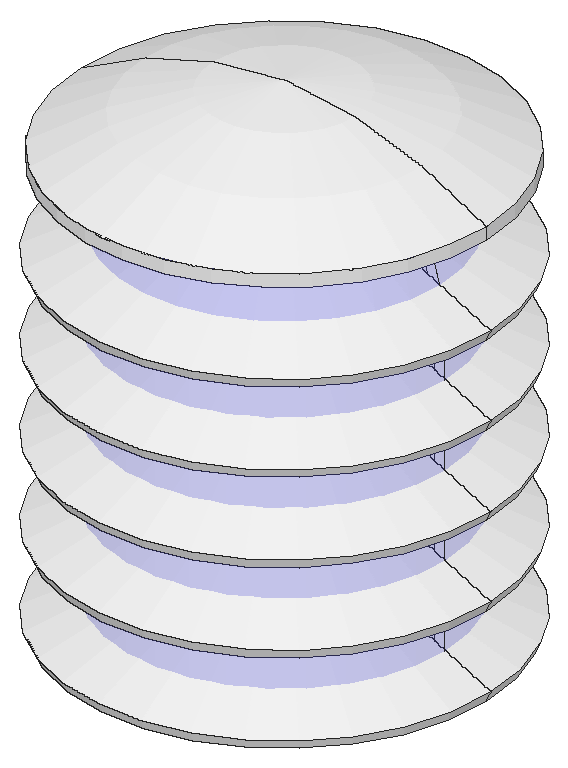
Revit family "CB24", category Lighting Fixtures, Revit 2014
Parameters (values of type "CB")
  Wattage Comments = "default"
  Wattage = 12.1178 W
  built-in parameter 1150110 = 1 (stored number, unit not read)
  Voltage = 120 V
  URL = "https://www.hubbell.com/kimlighting/en/"
  Type Comments = "Lighted Bollard"  # constant formula
  built-in parameter 1114217 = 1 (stored number, unit not read)
  Tilt Angle = 90.00°
  built-in parameter 1150109 = 1 (stored number, unit not read)
  built-in parameter 1150134 = (empty or 0)
  built-in parameter 1150113 = 1 (stored number, unit not read)
  Series = "Traditional Bollards"  # constant formula
  Radius = Diameter / 2  # 2.50"
  Product Page URL = "https://www.hubbell.com/kimlighting/en/Products/Lighting-Controls/Commercial-Outdoor-Lighting/Bollards/Compact-Bollards/p/248477"
  Product Documentation Link = "https://hubbellcdn.com/specsheet/kl_cbled_spec.pdf"
  Power Factor = 1
  Photometric Web Link = "https://www.hubbell.com/kimlighting/en/Products/Lighting-Controls/Commercial-Outdoor-Lighting/Bollards/Compact-Bollards/p/248477#prod-photometry-section"
  Photometric Web File = "cb-20l4k.ies"
  Photometric Notes = "More IES files download on Photometric Web Link"  # constant formula
  Number of Poles = 1
  Model = "Compact Bollards"  # constant formula
  MasterFormat Title = "Landscape Lighting, Site Lighting, Walkway Lighting"  # constant formula
  Manufacturer = "Kim Lighting"  # constant formula
  Lumens = 1800 lm
  built-in parameter 1150115 = 1 (stored number, unit not read)
  built-in parameter 1150105 = 143.24 (stored number, unit not read)
  Load Classification = Lighting
  built-in parameter 1150137 = (empty or 0)
  built-in parameter 1150139 = (empty or 0)
  built-in parameter 1150112 = 1 (stored number, unit not read)
  built-in parameter 1150114 = 1 (stored number, unit not read)
  Lamp = "LED"  # constant formula
  built-in parameter 1150132 = 2
  built-in parameter 1150102 = (empty or 0)
  built-in parameter 1150138 = (empty or 0)
  built-in parameter 1150107 = 3000 (stored number, unit not read)
  built-in parameter 1150106 = 1.4324 (stored number, unit not read)
  Height = 24.00"
  Glass = Glass-KIM-Temper Molded
  Finish = Powder Coat-Kim-White
  built-in parameter 1150104 = 13.8 (stored number, unit not read)
  Dimming Lamp Color Temperature Shift = <None>
  Diameter = 5.00"  # constant formula
  Description = "Compact Bollards feature full overlapping louvers which provides total source cutoff above horizontal. A soft glow from the louvers provides sufficient vertical illumination for gardens, pathways and of course, pedestrians.\r\n\r\nGasketed prismatic glass globe optimizes light output\r\nFull cutoff above horizontal\r\nBattery back-up, emergency battery pack and houseside shield options"  # constant formula
  Color Filter = 16777215
  built-in parameter 1114218 = 1 (stored number, unit not read)
  built-in parameter 1150133 = 10 (stored number, unit not read)
  Assembly Code = "D5020200"
  Apparent Load = 0 VA
Reference planes (in)
  plane 1 "Light Source Axis (F/B)": y = 0
  plane 2: z = 0
  plane 3 "Light Source Axis (L/R)": x = 0
  plane 4 "Light Source Elevation": z = 21
  plane 5 "Left": x = -2.5
  plane 6 "Right": x = 2.5
  plane 7 "Back": y = 2.5
  plane 8 "Front": y = -2.5
  plane 9 "Top": z = 24
  plane 10: z = 18
  plane 11: z = 23
Forms (in)
  Revolve 1, solid, material "Powder Coat-Kim-White" <- "Finish", detail levels medium+fine
    sketch origin (0, 0, 0) x (1, 0, 0) y (0, 0, 1)
      loop
        line (-2.5, 18) -> (-0.48859, 18.93794) -> (-0.54141, 19.05123) -> (-2.55283, 18.11329) -> (-2.5, 18)
      loop
        line (-2.5, 19) -> (-0.48859, 19.93794) -> (-0.54141, 20.05123) -> (-2.55283, 19.11329) -> (-2.5, 19)
      loop
        line (-2.5, 20) -> (-0.48859, 20.93794) -> (-0.54141, 21.05123) -> (-2.55283, 20.11329) -> (-2.5, 20)
      loop
        line (-2.5, 21) -> (-0.48859, 21.93794) -> (-0.54141, 22.05123) -> (-2.55283, 21.11329) -> (-2.5, 21)
      loop
        line (-2.5, 22) -> (-0.48859, 22.93794) -> (-0.54141, 23.05123) -> (-2.55283, 22.11329) -> (-2.5, 22)
      loop
        line (-2.5, 23.25142) -> (-2.5, 23.10079)
        arc (-2.5, 23.10079) -> (-1.28323, 23.59166) -> (0, 23.86512) r 7.57214
        line (0, 23.86512) -> (0, 24)
        arc (0, 24) -> (-1.29614, 23.77981) -> (-2.5, 23.25142) r 5.37273
      axis (0, 18) -> (0, 24)
    angle from 0 to 360
  Revolve 2, solid, material "Glass-KIM-Temper Molded" <- "Glass", detail levels medium+fine
    sketch origin (0, 0, 0) x (1, 0, 0) y (0, 0, 1)
      loop
        line (-1.98859, 18) -> (-1.86359, 18) -> (-1.86359, 21.93794)
        arc (-1.86359, 21.93794) -> (-1.31776, 23.25569) -> (0, 23.80152) r 1.86359
        line (0, 23.80152) -> (0, 23.92652)
        arc (0, 23.92652) -> (-1.40614, 23.34408) -> (-1.98859, 21.93794) r 1.98859
        line (-1.98859, 21.93794) -> (-1.98859, 18)
      axis (0, 18) -> (0, 23.92652)
    angle from 0 to 360
  Revolve 3, solid, material "Powder Coat-Kim-White" <- "Finish", detail levels coarse
    sketch origin (0, 0, 0) x (1, 0, 0) y (0, 0, 1)
      loop
        line (-2, 18) -> (-2, 0) -> (0, 0) -> (0, 18) -> (-2, 18)
      axis (0, 18) -> (0, 0)
    angle from 0 to 360
  Extrusion 4, solid, material "Powder Coat-Kim-White" <- "Finish", detail levels coarse
    sketch origin (0, 0, 0) x (1, 0, 0) y (0, 1, 0)
      loop
        circle (-1.536, 1.65694) r 0.14167
      loop
        circle (1.63636, 1.59444) r 0.14167
      loop
        circle (-1.536, -1.64571) r 0.14167
      loop
        circle (1.63636, -1.58321) r 0.14167
    from 18 to 23.25142
Lines and regions (in)
  Masking region 1
    outline origin (0, 0, 0) x (1, 0, 0) y (0, 1, 0)
      loop
        circle (0, 0) r 2.5
  symbolic lines, style "LightingFixturesHiddenLines", detail levels fine
    curve 1: circle (-0.26777, 0.26777, 0) r 0.1875 normal (0, 0, 1)
    curve 2: circle (0.26777, 0.26777, 0) r 0.1875 normal (0, 0, -1)
    curve 3: circle (-0.26777, -0.26777, 0) r 0.1875 normal (0, 0, -1)
    curve 4: circle (0.26777, -0.26777, 0) r 0.1875 normal (0, 0, 1)
  symbolic lines, style "LightingFixturesHiddenLines", detail levels medium+fine
    curve 5: circle (0, 0, 0) r 1.875 normal (0, 0, 1)
Dimensions and locks (in)
  equal spacing: plane 7 "Back", plane 1 "Light Source Axis (F/B)", plane 8 "Front"
  "Diameter": plane 7 "Back" to plane 8 "Front"
  equal spacing: plane 5 "Left", plane 3 "Light Source Axis (L/R)", plane 6 "Right"
  "Diameter": plane 5 "Left" to plane 6 "Right"
  "Height": plane 9 "Top" to level
  imposter light to Revolve 2 sketch curve to Revolve 2 sketch curve = 1.86359" locked, 0.125" locked
  Revolve 2 sketch curve to Revolve 2 sketch curve to Revolve 2 sketch curve to Revolve 2 sketch curve to plane 10 = 0.125" locked, 1.86359" locked, 0.00" locked, 3.93794"
  locked: curve 3 to plane 8 "Front" at 2.23223
  locked: plane 7 "Back" to curve 1 at 2.23223
  locked: plane 7 "Back" to curve 2 at 2.23223
  locked: curve 4 to plane 8 "Front" at 2.23223
  locked: plane 5 "Left" to curve 1 at 2.23223
  locked: plane 5 "Left" to curve 3 at 2.23223
  locked: curve 2 to plane 6 "Right" at 2.23223
  locked: curve 4 to plane 6 "Right" at 2.23223
  locked: curve 5 to plane 1 "Light Source Axis (F/B)" at 0
  locked: curve 5 to plane 3 "Light Source Axis (L/R)" at 0
  plane 9 "Top" to plane 11 to plane 4 "Light Source Elevation" to plane 10 = 1.00", 2.00" locked, 3.00" locked
  Revolve 1 sketch curve to Revolve 1 sketch curve to Revolve 1 sketch curve to Revolve 1 sketch curve to Revolve 1 sketch curve to Revolve 1 sketch curve to Revolve 1 sketch curve to Revolve 1 sketch curve to Revolve 1 sketch curve to Revolve 1 sketch curve to Revolve 1 sketch curve to Revolve 1 sketch curve to Revolve 1 sketch curve to Revolve 1 sketch curve to Revolve 1 sketch curve to Revolve 1 sketch curve to Revolve 1 sketch curve to Revolve 1 sketch curve to Revolve 1 sketch curve to plane 10 to Revolve 1 sketch curve = 0.11329" locked, 0.82465" locked, 0.06206" locked, 0.05123" locked, 0.06206" locked, 0.82465" locked, 0.06206" locked, 0.05123" locked, 0.06206" locked, 0.82465" locked, 0.06206" locked, 0.05123" locked, 0.06206" locked, 0.82465" locked, 0.06206" locked, 0.05123" locked, 0.06206" locked, 0.82465" locked, 0.11329" locked, 0.00" locked
  Revolve 1 sketch curve to plane 5 "Left" to Revolve 1 sketch curve to Revolve 1 sketch curve to Revolve 1 sketch curve = 0.05283" locked, 0.00" locked, 1.95859" locked, 0.05283" locked  (x5)
  locked: plane 1 "Light Source Axis (F/B)" to Masking region 1 sketch curve at 0
  locked: plane 3 "Light Source Axis (L/R)" to Masking region 1 sketch curve at 0
  plane 5 "Left" to plane 6 "Right" = 5.00"
  "Height": plane 9 "Top" to plane 2
  plane 10 to plane 2 = 18.00"
  "Radius": radius of Masking region 1 sketch curve
  aligned and locked: plane 3 "Light Source Axis (L/R)" to imposter light
  aligned and locked: plane 1 "Light Source Axis (F/B)" to imposter light
  aligned and locked: plane 4 "Light Source Elevation" to imposter light
  aligned and locked: plane 3 "Light Source Axis (L/R)" to Revolve 1 sketch curve
  aligned and locked: Revolve 2 sketch curve to plane 3 "Light Source Axis (L/R)"
  aligned and locked: Revolve 2 sketch curve to plane 10
  aligned and locked: plane 3 "Light Source Axis (L/R)" to Revolve 2 sketch curve
  aligned and locked: Revolve 3 sketch curve to plane 3 "Light Source Axis (L/R)"  (x2)
  aligned and locked: Revolve 3 sketch curve to plane 10
  aligned and locked: level to Revolve 3 sketch curve
Automatic sketch dimensions
  Revolve 2 sketch curve to plane 10 = 1.25"
  Revolve 2 sketch curve to Revolve 2 sketch curve = 2.07348"
  Revolve 3 sketch curve to level = 7.50"
  Revolve 3 sketch curve to plane 5 "Left" = 0.50"
  plane 9 "Top" to Revolve 3 sketch curve = 5.50"
  Extrusion 4 sketch curve to plane 5 "Left" = 0.964"  (x2)
  plane 6 "Right" to Extrusion 4 sketch curve = 0.86364"  (x2)
  plane 8 "Front" to Extrusion 4 sketch curve = 0.85429"
  plane 8 "Front" to Extrusion 4 sketch curve = 0.91679"
  Extrusion 4 sketch curve to plane 7 "Back" = 0.90556"
  Extrusion 4 sketch curve to plane 7 "Back" = 0.84306"
  plane 5 "Left" to Revolve 1 sketch curve = 0.00"
  Revolve 1 sketch curve to plane 3 "Light Source Axis (L/R)" = 0.00"
  Revolve 1 sketch curve to plane 9 "Top" = 0.00"
  plane 3 "Light Source Axis (L/R)" to Revolve 1 sketch curve = 0.24501"
  plane 3 "Light Source Axis (L/R)" to Revolve 1 sketch curve = 0.93065"
  Revolve 1 sketch curve to plane 10 = 1.64962"
  plane 10 to Revolve 1 sketch curve = 0.63286"
  Revolve 1 sketch curve to Revolve 1 sketch curve = 0.13488"
  Revolve 1 sketch curve to Revolve 1 sketch curve = 0.27791"
  plane 9 "Top" to Revolve 1 sketch curve = 0.12829"
  radius of curve 1 = 0.1875"
  radius of curve 2 = 0.1875"
  radius of curve 3 = 0.1875"
  radius of curve 4 = 0.1875"
  radius of curve 5 = 1.875"
  radius of Extrusion 4 sketch curve = 0.14167"  (x4)
Nested families (in)
  nested 1: "Notation" at (0, 4.62623, 0), type "Notation"
Connectors (in)
  electrical at (0, 0, 0), driven by "Load Classification"
    settings: on Revolve 3, index 1, voltage 120 V, apparent load 25 VA, apparent load phase1 0 VA, apparent load phase2 0 VA, apparent load phase3 0 VA, power factor 1, load classification "Lighting", number of poles 1, system type 30, power factor state 1, is connector primary yes, connector utility no, sub classification motor no, connector description "Lighting connector"
Definition of nested family "Notation"
  Parameters (values of type "Notation")
    Notation = "LF"
  Reference planes (in)
    plane 1: y = 0
    plane 2: x = 0
  Text (in)
    label "Notation" at (0.02149, 0.07192, 0), shows "Notation"
